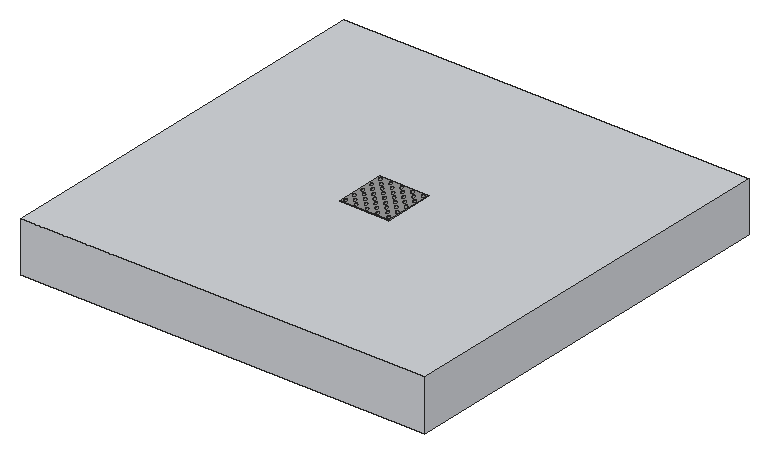
Revit family "Тактильная полиуретановая плитка шахматный порядок (приклеивание) ", category Оборудование, Revit 2017
Family settings
  Основа = Грань
  Размер круглого соединителя = Использовать диаметр
  Тип детали = Нормальный
  При загрузке вырезать с полостями = Да
  Общий = Да
  Точка расчета площади = Нет
Parameters (values of type "Тактильная полиуретановая плитка_Желтая")
  Стоимость = 378
  Применение = "Улица/Помещение"
  Default Elevation = 0 mm
  Описание = "Тактильная полиуретановая (ПУ) плитка от компании \"Вертикаль\" предназначена для обеспечения информирования при движении людей с ограничениями зрения. В зависимости от взаимного расположения несет различную тактильную информацию. В данном случае желтая ПУ плитка имеет на поверхности выпуклые рифы, расположенные в шахматном порядке. Такое расположение рифов информирует человека о зонах повышенной опасности и о преградах на пути следования. Желтый цвет тактильной плитки создает контрастный эффект к темной поверхности. Тактильная ПУ плитка от Тифлоцентра \"Вертикаль\" монтируется при помощи клея. Мы рекомендуем использовать специальный клей"
  Изготовитель = "ТИФЛОЦЕНТР «ВЕРТИКАЛЬ»"
  URL = "http://tiflocentre.ru/magazin/view_product.php?cat=1&podcat=2&id=197"
  ADSK_Тип рифов = "Тактильные конусообразные рифы в шахматном порядке"
  ADSK_Размер_Ширина = 300 mm
  ADSK_Размер_Толщина = 2 mm
  ADSK_Размер_Длина = 300 mm
  ADSK_Размер_Габариты = "300Х300"
  ADSK_Размер_Высота рифа = 5 mm
  ADSK_Наименование = "Тактильная плитка полиуретан рифы в шахматном порядке (приклеивание)"
  ADSK_Материал плитки = Вертикаль_Полиуретан_Желтый
  ADSK_Материал наименование = "Полиуретан, цвет желтый"
  ADSK_Код изделия = "10129-ZH"
Types (3, lengths in mm): name | Описание | URL | ADSK_Материал плитки | ADSK_Материал наименование | ADSK_Код изделия
  (no name) | "Тактильная полиуретановая (ПУ) плитка от компании \"Вертикаль\" предназначена для обеспечения информирования при движении людей с ограничениями зрения. В зависимости от взаимного расположения несет различную тактильную информацию. В данном случае желтая ПУ плитка имеет на поверхности выпуклые рифы, расположенные в шахматном порядке. Такое расположение рифов информирует человека о зонах повышенной опасности и о преградах на пути следования. Желтый цвет тактильной плитки создает контрастный эффект к темной поверхности. Тактильная ПУ плитка от Тифлоцентра \"Вертикаль\" монтируется при помощи клея. Мы рекомендуем использовать специальный клей" | "http://tiflocentre.ru/magazin/view_product.php?cat=1&podcat=2&id=197" | Вертикаль_Полиуретан_Желтый | "Полиуретан, цвет желтый" | "10129-ZH"
  Тактильная полиуретановая плитка_Желтая | "Тактильная полиуретановая (ПУ) плитка от компании \"Вертикаль\" предназначена для обеспечения информирования при движении людей с ограничениями зрения. В зависимости от взаимного расположения несет различную тактильную информацию. В данном случае желтая ПУ плитка имеет на поверхности выпуклые рифы, расположенные в шахматном порядке. Такое расположение рифов информирует человека о зонах повышенной опасности и о преградах на пути следования. Желтый цвет тактильной плитки создает контрастный эффект к темной поверхности. Тактильная ПУ плитка от Тифлоцентра \"Вертикаль\" монтируется при помощи клея. Мы рекомендуем использовать специальный клей" | "http://tiflocentre.ru/magazin/view_product.php?cat=1&podcat=2&id=197" | Вертикаль_Полиуретан_Желтый | "Полиуретан, цвет желтый" | "10129-ZH"
  Тактильная полиуретановая плитка_Черная | "Тактильная ПУ плитка предназначена для обеспечения информирования при движении тотально слепого и  слабовидящего человека. Тактильная плитка с конусообразынми рифами в шахматном порядке применяется в зонах внимания и перед преградами, которые невозможно преодолеть (столб, мебель). Черный цвет плитки является отличным контрастом к светлой поверхности (например, кафельный или мраморный пол светлого цвета), что особенно важно для слабовидящих людей. Тактильная ПУ плитка является универсальной: ее можно монтировать как в помещении, так и на улице прямо на асфальт. Тактильная ПУ плитка монтируется при помощи специального клея FIXVERT. Тактильная плитка от компании \"Вертикаль\" рекомендована к применению ВОС и гос. программой \"Доступная среда\"" | "http://tiflocentre.ru/magazin/view_product.php?cat=1&podcat=2&id=198" | Вертикаль_Полиуретан_Черный | "Полиуретан, цвет черный" | "10129-CH"
Reference planes
  plane 1 "По центру (Вперед/Назад)": y = 0
  plane 2: z = 0
  plane 3 "По центру (Влево/Вправо)": x = 0
  plane 4: x = -150
  plane 5: x = 150
  plane 6: y = -150
  plane 7: y = 150
  plane 8: z = 2
Forms (mm)
  Extrusion 1, solid
    sketch origin (0, 0, 0) x (1, 0, 0) y (0, 1, 0)
      loop
        line (-1219.2, 1219.2) -> (-1219.2, -1219.2) -> (1219.2, -1219.2) -> (1219.2, 1219.2) -> (-1219.2, 1219.2)
    from 0 to -304.8
  Extrusion 2, solid, material "Вертикаль_Полиуретан_Желтый" <- "ADSK_Материал плитки"
    sketch origin (0, 0, 0) x (1, 0, 0) y (0, 1, 0)
      loop
        line (-150, 150) -> (-150, -150) -> (150, -150) -> (150, 150) -> (-150, 150)
    from 0 to 2
Dimensions and locks
  equal spacing: plane 7, plane 1 "По центру (Вперед/Назад)", plane 6
  equal spacing: plane 4, plane 3 "По центру (Влево/Вправо)", plane 5
  "ADSK_Размер_Ширина": plane 4 to plane 5
  "ADSK_Размер_Длина": plane 7 to plane 6
  "ADSK_Размер_Толщина": plane 8 to level
  plane 8 to level = 2 mm
  aligned and locked: plane 2 to Extrusion 1
  aligned and locked: level to Extrusion 1
  aligned and locked: plane 4 to Extrusion 2 sketch curve
  aligned and locked: Extrusion 2 sketch curve to plane 7
  aligned and locked: Extrusion 2 sketch curve to plane 5
  aligned and locked: plane 6 to Extrusion 2 sketch curve
  aligned and locked: Extrusion 2 to level
  aligned and locked: Extrusion 2 to Extrusion 1
  aligned and locked: plane 8 to Extrusion 2
Automatic sketch dimensions
  Extrusion 1 sketch curve to Extrusion 1 sketch curve = 2438.4 mm  (x2)
Nested families
  nested 1: "Риф" at (-130, 130, 2), Материал <- "ADSK_Материал плитки", built-in parameter 1001364 <- "ADSK_Размер_Толщина", type "Риф"
    with Радиус основания 7 mm, Радиус вершины 5 mm, Материал Вертикаль_Полиуретан_Желтый
  nested 2: "Риф" at (-65, 130, 2), Материал <- "ADSK_Материал плитки", built-in parameter 1001364 <- "ADSK_Размер_Толщина", type "Риф"
    with Радиус основания 7 mm, Радиус вершины 5 mm, Материал Вертикаль_Полиуретан_Желтый
  nested 3: "Риф" at (0, 130, 2), Материал <- "ADSK_Материал плитки", built-in parameter 1001364 <- "ADSK_Размер_Толщина", type "Риф"
    with Радиус основания 7 mm, Радиус вершины 5 mm, Материал Вертикаль_Полиуретан_Желтый
  nested 4: "Риф" at (65, 130, 2), Материал <- "ADSK_Материал плитки", built-in parameter 1001364 <- "ADSK_Размер_Толщина", type "Риф"
    with Радиус основания 7 mm, Радиус вершины 5 mm, Материал Вертикаль_Полиуретан_Желтый
  nested 5: "Риф" at (130, 130, 2), Материал <- "ADSK_Материал плитки", built-in parameter 1001364 <- "ADSK_Размер_Толщина", type "Риф"
    with Радиус основания 7 mm, Радиус вершины 5 mm, Материал Вертикаль_Полиуретан_Желтый
  nested 6: "Риф" at (-130, 65, 2), Материал <- "ADSK_Материал плитки", built-in parameter 1001364 <- "ADSK_Размер_Толщина", type "Риф"
    with Радиус основания 7 mm, Радиус вершины 5 mm, Материал Вертикаль_Полиуретан_Желтый
  nested 7: "Риф" at (-65, 65, 2), Материал <- "ADSK_Материал плитки", built-in parameter 1001364 <- "ADSK_Размер_Толщина", type "Риф"
    with Радиус основания 7 mm, Радиус вершины 5 mm, Материал Вертикаль_Полиуретан_Желтый
  nested 8: "Риф" at (0, 65, 2), Материал <- "ADSK_Материал плитки", built-in parameter 1001364 <- "ADSK_Размер_Толщина", type "Риф"
    with Радиус основания 7 mm, Радиус вершины 5 mm, Материал Вертикаль_Полиуретан_Желтый
  nested 9: "Риф" at (65, 65, 2), Материал <- "ADSK_Материал плитки", built-in parameter 1001364 <- "ADSK_Размер_Толщина", type "Риф"
    with Радиус основания 7 mm, Радиус вершины 5 mm, Материал Вертикаль_Полиуретан_Желтый
  nested 10: "Риф" at (130, 65, 2), Материал <- "ADSK_Материал плитки", built-in parameter 1001364 <- "ADSK_Размер_Толщина", type "Риф"
    with Радиус основания 7 mm, Радиус вершины 5 mm, Материал Вертикаль_Полиуретан_Желтый
  nested 11: "Риф" at (-130, 0, 2), Материал <- "ADSK_Материал плитки", built-in parameter 1001364 <- "ADSK_Размер_Толщина", type "Риф"
    with Радиус основания 7 mm, Радиус вершины 5 mm, Материал Вертикаль_Полиуретан_Желтый
  nested 12: "Риф" at (-65, 0, 2), Материал <- "ADSK_Материал плитки", built-in parameter 1001364 <- "ADSK_Размер_Толщина", type "Риф"
    with Радиус основания 7 mm, Радиус вершины 5 mm, Материал Вертикаль_Полиуретан_Желтый
  nested 13: "Риф" at (0, 0, 2), Материал <- "ADSK_Материал плитки", built-in parameter 1001364 <- "ADSK_Размер_Толщина", type "Риф"
    with Радиус основания 7 mm, Радиус вершины 5 mm, Материал Вертикаль_Полиуретан_Желтый
  nested 14: "Риф" at (65, 0, 2), Материал <- "ADSK_Материал плитки", built-in parameter 1001364 <- "ADSK_Размер_Толщина", type "Риф"
    with Радиус основания 7 mm, Радиус вершины 5 mm, Материал Вертикаль_Полиуретан_Желтый
  nested 15: "Риф" at (130, 0, 2), Материал <- "ADSK_Материал плитки", built-in parameter 1001364 <- "ADSK_Размер_Толщина", type "Риф"
    with Радиус основания 7 mm, Радиус вершины 5 mm, Материал Вертикаль_Полиуретан_Желтый
  nested 16: "Риф" at (-130, -65, 2), Материал <- "ADSK_Материал плитки", built-in parameter 1001364 <- "ADSK_Размер_Толщина", type "Риф"
    with Радиус основания 7 mm, Радиус вершины 5 mm, Материал Вертикаль_Полиуретан_Желтый
  nested 17: "Риф" at (-65, -65, 2), Материал <- "ADSK_Материал плитки", built-in parameter 1001364 <- "ADSK_Размер_Толщина", type "Риф"
    with Радиус основания 7 mm, Радиус вершины 5 mm, Материал Вертикаль_Полиуретан_Желтый
  nested 18: "Риф" at (0, -65, 2), Материал <- "ADSK_Материал плитки", built-in parameter 1001364 <- "ADSK_Размер_Толщина", type "Риф"
    with Радиус основания 7 mm, Радиус вершины 5 mm, Материал Вертикаль_Полиуретан_Желтый
  nested 19: "Риф" at (65, -65, 2), Материал <- "ADSK_Материал плитки", built-in parameter 1001364 <- "ADSK_Размер_Толщина", type "Риф"
    with Радиус основания 7 mm, Радиус вершины 5 mm, Материал Вертикаль_Полиуретан_Желтый
  nested 20: "Риф" at (130, -65, 2), Материал <- "ADSK_Материал плитки", built-in parameter 1001364 <- "ADSK_Размер_Толщина", type "Риф"
    with Радиус основания 7 mm, Радиус вершины 5 mm, Материал Вертикаль_Полиуретан_Желтый
  nested 21: "Риф" at (-130, -130.397, 2), Материал <- "ADSK_Материал плитки", built-in parameter 1001364 <- "ADSK_Размер_Толщина", type "Риф"
    with Радиус основания 7 mm, Радиус вершины 5 mm, Материал Вертикаль_Полиуретан_Желтый
  nested 22: "Риф" at (-65, -130.397, 2), Материал <- "ADSK_Материал плитки", built-in parameter 1001364 <- "ADSK_Размер_Толщина", type "Риф"
    with Радиус основания 7 mm, Радиус вершины 5 mm, Материал Вертикаль_Полиуретан_Желтый
  nested 23: "Риф" at (0, -130.397, 2), Материал <- "ADSK_Материал плитки", built-in parameter 1001364 <- "ADSK_Размер_Толщина", type "Риф"
    with Радиус основания 7 mm, Радиус вершины 5 mm, Материал Вертикаль_Полиуретан_Желтый
  nested 24: "Риф" at (65, -130.397, 2), Материал <- "ADSK_Материал плитки", built-in parameter 1001364 <- "ADSK_Размер_Толщина", type "Риф"
    with Радиус основания 7 mm, Радиус вершины 5 mm, Материал Вертикаль_Полиуретан_Желтый
  nested 25: "Риф" at (130, -130.397, 2), Материал <- "ADSK_Материал плитки", built-in parameter 1001364 <- "ADSK_Размер_Толщина", type "Риф"
    with Радиус основания 7 mm, Радиус вершины 5 mm, Материал Вертикаль_Полиуретан_Желтый
  nested 26: "Риф" at (-97.5, 97.5, 2), Материал <- "ADSK_Материал плитки", built-in parameter 1001364 <- "ADSK_Размер_Толщина", type "Риф"
    with Радиус основания 7 mm, Радиус вершины 5 mm, Материал Вертикаль_Полиуретан_Желтый
  nested 27: "Риф" at (-32.5, 97.5, 2), Материал <- "ADSK_Материал плитки", built-in parameter 1001364 <- "ADSK_Размер_Толщина", type "Риф"
    with Радиус основания 7 mm, Радиус вершины 5 mm, Материал Вертикаль_Полиуретан_Желтый
  nested 28: "Риф" at (32.5, 97.5, 2), Материал <- "ADSK_Материал плитки", built-in parameter 1001364 <- "ADSK_Размер_Толщина", type "Риф"
    with Радиус основания 7 mm, Радиус вершины 5 mm, Материал Вертикаль_Полиуретан_Желтый
  nested 29: "Риф" at (97.5, 97.5, 2), Материал <- "ADSK_Материал плитки", built-in parameter 1001364 <- "ADSK_Размер_Толщина", type "Риф"
    with Радиус основания 7 mm, Радиус вершины 5 mm, Материал Вертикаль_Полиуретан_Желтый
  nested 30: "Риф" at (-97.5, 32.5, 2), Материал <- "ADSK_Материал плитки", built-in parameter 1001364 <- "ADSK_Размер_Толщина", type "Риф"
    with Радиус основания 7 mm, Радиус вершины 5 mm, Материал Вертикаль_Полиуретан_Желтый
  nested 31: "Риф" at (-32.5, 32.5, 2), Материал <- "ADSK_Материал плитки", built-in parameter 1001364 <- "ADSK_Размер_Толщина", type "Риф"
    with Радиус основания 7 mm, Радиус вершины 5 mm, Материал Вертикаль_Полиуретан_Желтый
  nested 32: "Риф" at (32.5, 32.5, 2), Материал <- "ADSK_Материал плитки", built-in parameter 1001364 <- "ADSK_Размер_Толщина", type "Риф"
    with Радиус основания 7 mm, Радиус вершины 5 mm, Материал Вертикаль_Полиуретан_Желтый
  nested 33: "Риф" at (97.5, 32.5, 2), Материал <- "ADSK_Материал плитки", built-in parameter 1001364 <- "ADSK_Размер_Толщина", type "Риф"
    with Радиус основания 7 mm, Радиус вершины 5 mm, Материал Вертикаль_Полиуретан_Желтый
  nested 34: "Риф" at (-97.5, -32.5, 2), Материал <- "ADSK_Материал плитки", built-in parameter 1001364 <- "ADSK_Размер_Толщина", type "Риф"
    with Радиус основания 7 mm, Радиус вершины 5 mm, Материал Вертикаль_Полиуретан_Желтый
  nested 35: "Риф" at (-32.5, -32.5, 2), Материал <- "ADSK_Материал плитки", built-in parameter 1001364 <- "ADSK_Размер_Толщина", type "Риф"
    with Радиус основания 7 mm, Радиус вершины 5 mm, Материал Вертикаль_Полиуретан_Желтый
  nested 36: "Риф" at (32.5, -32.5, 2), Материал <- "ADSK_Материал плитки", built-in parameter 1001364 <- "ADSK_Размер_Толщина", type "Риф"
    with Радиус основания 7 mm, Радиус вершины 5 mm, Материал Вертикаль_Полиуретан_Желтый
  nested 37: "Риф" at (97.5, -32.5, 2), Материал <- "ADSK_Материал плитки", built-in parameter 1001364 <- "ADSK_Размер_Толщина", type "Риф"
    with Радиус основания 7 mm, Радиус вершины 5 mm, Материал Вертикаль_Полиуретан_Желтый
  nested 38: "Риф" at (-97.5, -97.5, 2), Материал <- "ADSK_Материал плитки", built-in parameter 1001364 <- "ADSK_Размер_Толщина", type "Риф"
    with Радиус основания 7 mm, Радиус вершины 5 mm, Материал Вертикаль_Полиуретан_Желтый
  nested 39: "Риф" at (-32.5, -97.5, 2), Материал <- "ADSK_Материал плитки", built-in parameter 1001364 <- "ADSK_Размер_Толщина", type "Риф"
    with Радиус основания 7 mm, Радиус вершины 5 mm, Материал Вертикаль_Полиуретан_Желтый
  nested 40: "Риф" at (32.5, -97.5, 2), Материал <- "ADSK_Материал плитки", built-in parameter 1001364 <- "ADSK_Размер_Толщина", type "Риф"
    with Радиус основания 7 mm, Радиус вершины 5 mm, Материал Вертикаль_Полиуретан_Желтый
  nested 41: "Риф" at (97.5, -97.5, 2), Материал <- "ADSK_Материал плитки", built-in parameter 1001364 <- "ADSK_Размер_Толщина", type "Риф"
    with Радиус основания 7 mm, Радиус вершины 5 mm, Материал Вертикаль_Полиуретан_Желтый
Definition of nested family "Риф"
  Parameters (values of type "Риф")
    Радиус основания [instance] = 10 mm
    Радиус вершины [instance] = 5 mm
    Материал [instance] = none
    Высота конуса = 5 mm
  Reference planes
    plane 1 "По центру (Вперед/Назад)": y = 0
    plane 2: z = 0
    plane 3 "По центру (Влево/Вправо)": x = 0
    plane 4: z = 5
    plane 5: y = -10
    plane 6: y = 10
    plane 7: y = -5
    plane 8: y = 5
  Forms (mm)
    Revolve 1, solid, material <- "Материал"
      sketch origin (0, 0, 0) x (0, 1, 0) y (0, 0, 1)
        loop
          line (0, 5) -> (0, 0) -> (10, 0) -> (5, 5) -> (0, 5)
        axis (0, 5) -> (0, 0)
      angle from 0 to 360
  Lines and regions (mm)
    model lines
      curve 1: line (0, 10, 0) -> (0, -10, 0)
      curve 2: line (10, 0, 0) -> (-10, 0, 0)
  Dimensions and locks
    "Высота конуса": plane 4 to plane 2
    equal spacing: plane 5, plane 1 "По центру (Вперед/Назад)", plane 6
    "Радиус основания": plane 5 to plane 1 "По центру (Вперед/Назад)"
    equal spacing: plane 7, plane 1 "По центру (Вперед/Назад)", plane 8
    "Радиус вершины": plane 7 to plane 1 "По центру (Вперед/Назад)"
    aligned and locked: level to plane 2
    aligned and locked: plane 4 to Revolve 1
    aligned and locked: level to Revolve 1 sketch curve
    aligned and locked: plane 6 to Revolve 1 sketch curve
    aligned and locked: Revolve 1 sketch curve to plane 4
  Automatic sketch dimensions
    Revolve 1 sketch curve to plane 1 "По центру (Вперед/Назад)" = 0 mm  (x2)
    Revolve 1 sketch curve to plane 8 = 0 mm
    Revolve 1 sketch curve to level = 80 mm
    Revolve 1 sketch curve to Revolve 1 sketch curve = 55 mm
    plane 1 "По центру (Вперед/Назад)" to curve 2 = 0 mm
    curve 1 to plane 3 "По центру (Влево/Вправо)" = 0 mm
    curve 1 to plane 5 = 0 mm
    curve 1 to plane 6 = 0 mm
    curve 2 to plane 3 "По центру (Влево/Вправо)" = 10 mm
    plane 3 "По центру (Влево/Вправо)" to curve 2 = 10 mm
